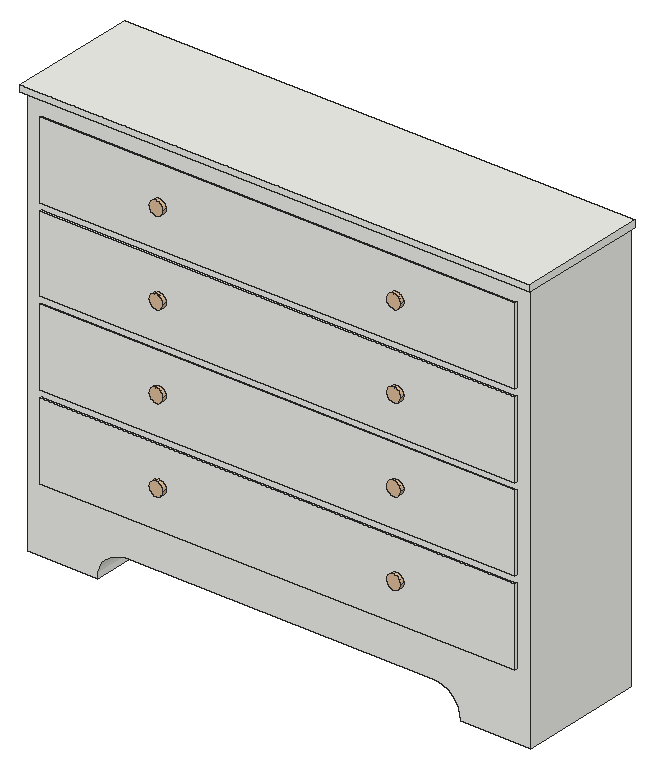
Revit family
Parameters (values of type "1830 x 1525 x 0457mm")
  깊이 = 457.00 mm
  화장대 재료 = 래미네이티드 - 아이보리색, 광택
  서랍 재료 = 래미네이티드 플라스틱 - 아이보리색, 무광
  손잡이 재료 = 목재 - 벚나무
  높이 = 1525.00 mm
  폭 = 1830.00 mm
Types (4, lengths in mm): name | 깊이 | 높이 | 폭
  (no name) | 457.00 | 1525.00 | 1830.00
  1220 x 1830 x 0610mm | 610.00 | 1830.00 | 1220.00
  1220 x 1525 x 0610mm | 610.00 | 1525.00 | 1220.00
  1830 x 1525 x 0457mm | 457.00 | 1525.00 | 1830.00
Reference planes
  plane 1 "중심(앞/뒤)": y = -363.163
  plane 2: z = 0
  plane 3 "중심(왼쪽/오른쪽)": x = -269.193
  plane 4 "뒤로": y = -134.663
  plane 5 "앞면": y = -591.663
  plane 6 "오른쪽": x = 645.807
  plane 7 "왼쪽": x = -1184.193
  plane 8 "상단": z = 1525
  plane 9: x = -828.593
  plane 10: x = 290.207
  plane 11: z = 1448.8
  plane 12: z = 1143.75
  plane 13: z = 838.7
  plane 14: z = 533.65
  plane 15: z = 228.6
  plane 16: x = -1133.393
  plane 17: x = 595.007
  plane 18: y = -598.013
  plane 19: z = 1499.6
  plane 20: x = -701.293
  plane 21: x = 162.907
  plane 22: z = 1296.275
  plane 23: z = 991.225
  plane 24: z = 686.175
  plane 25: z = 381.125
Forms (mm)
  Extrusion 1, solid, material "래미네이티드 - 아이보리색, 광택" <- "화장대 재료"
    sketch origin (0, -591.663, 0) x (1, 0, 0) y (0, 0, 1)
      loop
        line (391.807, 0) -> (645.807, 0) -> (645.807, 1499.6) -> (-1184.193, 1499.6) -> (-1184.193, 0) -> (-930.193, 0)
        arc (-930.193, 0) -> (-900.435, 71.842) -> (-828.593, 101.6) r 101.6
        line (-828.593, 101.6) -> (290.207, 101.6)
        arc (290.207, 101.6) -> (362.049, 71.842) -> (391.807, 0) r 101.6
    from 0 to -457
  Extrusion 2, solid, material "래미네이티드 플라스틱 - 아이보리색, 무광" <- "서랍 재료"
    sketch origin (0, -591.663, 0) x (1, 0, 0) y (0, 0, 1)
      loop
        line (595.007, 1436.1) -> (-1133.393, 1436.1) -> (-1133.393, 1156.45) -> (595.007, 1156.45) -> (595.007, 1436.1)
      loop
        line (595.007, 1131.05) -> (-1133.393, 1131.05) -> (-1133.393, 851.4) -> (595.007, 851.4) -> (595.007, 1131.05)
      loop
        line (595.007, 826) -> (-1133.393, 826) -> (-1133.393, 546.35) -> (595.007, 546.35) -> (595.007, 826)
      loop
        line (595.007, 520.95) -> (-1133.393, 520.95) -> (-1133.393, 241.3) -> (595.007, 241.3) -> (595.007, 520.95)
    from 0 to 6.35
  Extrusion 3, solid, material "래미네이티드 - 아이보리색, 광택" <- "화장대 재료"
    sketch origin (0, 0, 0) x (1, 0, 0) y (0, 1, 0)
      loop
        line (-1196.893, -134.663) -> (-1196.893, -610.713) -> (658.507, -610.713) -> (658.507, -134.663) -> (-1196.893, -134.663)
    from 1499.6 to 1525
  Extrusion 4, solid, material "목재 - 벚나무" <- "손잡이 재료"
    sketch origin (0, -591.663, 0) x (1, 0, 0) y (0, 0, 1)
      loop
        circle (162.907, 1296.275) r 25.4
      loop
        circle (162.907, 991.225) r 25.4
      loop
        circle (162.907, 686.175) r 25.4
      loop
        circle (162.907, 381.125) r 25.4
      loop
        circle (-701.293, 381.125) r 25.4
      loop
        circle (-701.293, 686.175) r 25.4
      loop
        circle (-701.293, 991.225) r 25.4
      loop
        circle (-701.293, 1296.275) r 25.4
    from 6.35 to 19.05
Lines and regions (mm)
  Masking region 1
    outline origin (0, 0, 0) x (1, 0, 0) y (0, 1, 0)
      loop
        line (-1184.193, -134.663) -> (-1184.193, -598.013) -> (645.807, -598.013) -> (645.807, -134.663) -> (-1184.193, -134.663)
Dimensions and locks
  equal spacing: plane 7 "왼쪽", plane 3 "중심(왼쪽/오른쪽)", plane 6 "오른쪽"
  equal spacing: plane 5 "앞면", plane 1 "중심(앞/뒤)", plane 4 "뒤로"
  "폭": plane 7 "왼쪽" to plane 6 "오른쪽"
  "깊이": plane 5 "앞면" to plane 4 "뒤로"
  "높이": plane 8 "상단" to plane 2
  locked: plane 7 "왼쪽" to plane 9 at 355.6
  locked: plane 6 "오른쪽" to plane 10 at 355.6
  locked: plane 8 "상단" to plane 11 at 76.2
  locked: plane 15 to plane 2 at 228.6
  equal spacing: plane 11, plane 12, plane 13, plane 14, plane 15
  locked: plane 7 "왼쪽" to plane 16 at 50.8
  locked: plane 17 to plane 6 "오른쪽" at 50.8
  plane 18 to plane 5 "앞면" = 6.35 mm
  locked: plane 19 to plane 8 "상단" at 25.4
  equal spacing: plane 16, plane 20, plane 3 "중심(왼쪽/오른쪽)"
  equal spacing: plane 17, plane 21, plane 3 "중심(왼쪽/오른쪽)"
  equal spacing: plane 14, plane 25, plane 15
  equal spacing: plane 13, plane 24, plane 14
  equal spacing: plane 12, plane 23, plane 13
  equal spacing: plane 11, plane 22, plane 12
  aligned and locked: Extrusion 1 to plane 4 "뒤로"
  aligned and locked: Extrusion 2 to plane 5 "앞면"
  aligned and locked: Extrusion 2 to plane 18
  aligned and locked: plane 19 to Extrusion 1
  aligned and locked: Extrusion 3 to plane 8 "상단"
  aligned and locked: Extrusion 3 to Extrusion 1
  aligned and locked: Masking region 1 sketch curve to plane 7 "왼쪽"
  aligned and locked: plane 4 "뒤로" to Masking region 1 sketch curve
  aligned and locked: plane 6 "오른쪽" to Masking region 1 sketch curve
  aligned and locked: plane 18 to Masking region 1 sketch curve
Automatic sketch dimensions
  Extrusion 1 sketch curve to level = 0.00 mm  (x2)
  Extrusion 1 sketch curve to plane 7 "왼쪽" = 0.00 mm
  Extrusion 1 sketch curve to plane 9 = 0.00 mm
  Extrusion 1 sketch curve to plane 10 = 0.00 mm
  Extrusion 1 sketch curve to plane 6 "오른쪽" = 0.00 mm
  Extrusion 1 sketch curve to Extrusion 1 sketch curve = 101.60 mm
  plane 8 "상단" to Extrusion 1 sketch curve = 25.40 mm
  Extrusion 2 sketch curve to plane 16 = 0.00 mm  (x4)
  Extrusion 2 sketch curve to plane 17 = 0.00 mm  (x4)
  Extrusion 2 sketch curve to plane 15 = 12.70 mm
  plane 14 to Extrusion 2 sketch curve = 12.70 mm
  Extrusion 2 sketch curve to plane 14 = 12.70 mm
  plane 13 to Extrusion 2 sketch curve = 12.70 mm
  Extrusion 2 sketch curve to plane 13 = 12.70 mm
  plane 12 to Extrusion 2 sketch curve = 12.70 mm
  Extrusion 2 sketch curve to plane 12 = 12.70 mm
  plane 11 to Extrusion 2 sketch curve = 12.70 mm
  plane 7 "왼쪽" to Extrusion 3 sketch curve = 12.70 mm
  Extrusion 3 sketch curve to plane 18 = 12.70 mm
  Extrusion 3 sketch curve to plane 6 "오른쪽" = 12.70 mm
  Extrusion 4 sketch curve to plane 22 = 0.00 mm  (x2)
  Extrusion 4 sketch curve to plane 23 = 0.00 mm  (x2)
  Extrusion 4 sketch curve to plane 24 = 0.00 mm  (x2)
  Extrusion 4 sketch curve to plane 25 = 0.00 mm  (x2)
  Extrusion 4 sketch curve to plane 20 = 0.00 mm  (x4)
  Extrusion 4 sketch curve to plane 21 = 0.00 mm  (x4)
  Extrusion 4 sketch curve to Extrusion 4 sketch curve = 25.40 mm  (x8)
  Extrusion 3 sketch curve to plane 4 "뒤로" = 0.00 mm
